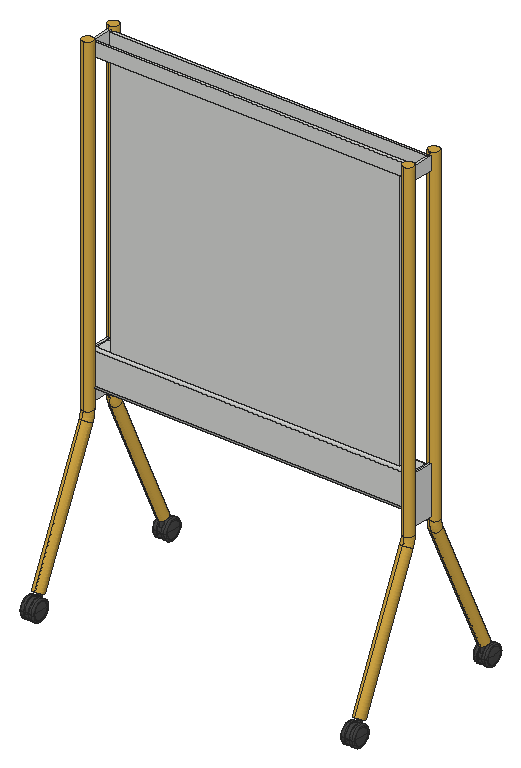
Revit family "DBLTD_TheSenatorGroup_Whiteboards_Colab_US", category Furniture, Revit 2021
Family settings
  OmniClass Number = 23.40.20.00
  OmniClass Title = General Furniture and Specialties
  Work Plane-Based = No
  Always vertical = Yes
  Cut with Voids When Loaded = No
  Shared = Yes
  Room Calculation Point = No
Parameters (values of type "49" Magic Drywipe")
  WarrantyStartDate [instance] = " "
  WarrantyGuarantorParts = "https://www.thesenatorgroup.com/"
  WarrantyGuarantorLabor = "https://www.thesenatorgroup.com/"
  WarrantyDurationUnit = "years"
  WarrantyDurationParts = "5"
  WarrantyDurationLabor = "5"
  WarrantyDescription = "The Senator Group warrants that its manufactured products are free from manufacturing defects - in materials or workmanship - for a period of five (5) years."
  Version = "1"
  Uniclass2015Version = "Products v1.32"
  Uniclass2015Title = "Whiteboards"
  Uniclass2015Code = "Pr_40_30_25_96"
  URL = "https://www.thesenatorgroup.com/"
  Type Comments = ModelReference  # "49\" Magic Drywipe"
  TagNumber [instance] = " "
  SustainabilityPerformance = "n/a"
  Size = "73 x 49 x 26"
  Shape = "Rectangular"
  SerialNumber [instance] = " "
  Revision = ""
  ReplacementCost = "n/a"
  ProductInformation = "https://www.senator.online/en-us/Categories/colab-collection"
  PanelMaterialInternal [instance] = DBLTD_TheSenatorGroup_Other_Drywipe
  PanelMaterialExternal [instance] = DBLTD_TheSenatorGroup_Metal_SmokeGrey
  NominalWidth = 49.2126"
  NominalHeight = 72.83465"
  NominalDepth = 25.59055"
  Name = "Whiteboards"  # constant formula
  ModelReference = "49\" Magic Drywipe"
  ModelNumber = "CB7349MD"
  Model = ModelNumber  # "CB7349MD"
  MediaPlaceHolder = no
  Material = "Legs and Frame; Steel. Board; Magic Drywipe"
  ManufacturerURL = "https://www.thesenatorgroup.com/"
  ManufacturerName = "The Senator Group"
  LegMaterial [instance] = DBLTD_TheSenatorGroup_Metal_HoneyYellow
  Keynote = Category  # "Pr_40_30_25_96  Whiteboards"
  InstallationDate [instance] = " "
  Grade = "n/a"
  Finish = "Legs; Honey Yellow | Forest Green | Smoke Grey | Ocean Blue. Frame; Smoke Grey. Fabric: Blazer"
  Features = "n/a"
  ExpectedLife = "5"
  DurationUnit = "years"
  Cost = 0
  Constituents = "Legs, Frame and Board"
  Color = Finish  # "Legs; Honey Yellow | Forest Green | Smoke Grey | Ocean Blue. Frame; Smoke Grey. Fabric: Blazer"
  CodePerformance = "n/a"
  Category = "Pr_40_30_25_96  Whiteboards"
  Manufacturer = ManufacturerName  # "The Senator Group"
  Description = ModelReference  # "49\" Magic Drywipe"
  Default Elevation = 0"
  BarCode [instance] = " "
  Author = "Diane Butterworth Ltd"
  AssetType = "Movable"
  AssetIdentifier [instance] = " "
  Assembly Code = "E2020200"
  AccessibilityPerformance = "n/a"
Types (12): name | Type Comments | Size | PanelMaterialInternal | PanelMaterialExternal | NominalWidth | ModelReference | ModelNumber | Model | MediaPlaceHolder | Material | Description
  49" Drywipe | "49\" Drywipe" | "73 x 49 x 26" | DBLTD_TheSenatorGroup_Other_Drywipe | DBLTD_TheSenatorGroup_Metal_SmokeGrey | 49.2126" | "49\" Drywipe" | "CB7349D" | "CB7349D" | no | "Legs and Frame; Steel. Board; Drywipe" | "49\" Drywipe"
  65" Drywipe | "65\" Drywipe" | "73 x 65 x 26" | DBLTD_TheSenatorGroup_Other_Drywipe | DBLTD_TheSenatorGroup_Metal_SmokeGrey | 64.96063" | "65\" Drywipe" | "CB7365D" | "CB7365D" | no | "Legs and Frame; Steel. Board; Drywipe" | "65\" Drywipe"
  65" Pinboard | "65\" Pinboard" | "73 x 65 x 26" | DBLTD_TheSenatorGroup_Fabric_Grey | DBLTD_TheSenatorGroup_Metal_SmokeGrey | 64.96063" | "65\" Pinboard" | "CB7365P" | "CB7365P" | no | "Legs and Frame; Steel. Board; Pinboard" | "65\" Pinboard"
  49" Pinboard | "49\" Pinboard" | "73 x 49 x 26" | DBLTD_TheSenatorGroup_Fabric_Grey | DBLTD_TheSenatorGroup_Metal_SmokeGrey | 49.2126" | "49\" Pinboard" | "CB7349P" | "CB7349P" | no | "Legs and Frame; Steel. Board; Pinboard" | "49\" Pinboard"
  49" Magic Drywipe | "49\" Magic Drywipe" | "73 x 49 x 26" | DBLTD_TheSenatorGroup_Other_Drywipe | DBLTD_TheSenatorGroup_Metal_SmokeGrey | 49.2126" | "49\" Magic Drywipe" | "CB7349MD" | "CB7349MD" | no | "Legs and Frame; Steel. Board; Magic Drywipe" | "49\" Magic Drywipe"
  65" Magic Drywipe | "65\" Magic Drywipe" | "73 x 65 x 26" | DBLTD_TheSenatorGroup_Other_Drywipe | DBLTD_TheSenatorGroup_Metal_SmokeGrey | 64.96063" | "65\" Magic Drywipe" | "CB7365MD" | "CB7365MD" | no | "Legs and Frame; Steel. Board; Magic Drywipe" | "65\" Magic Drywipe"
  49" Drywipe & Pinboard | "49\" Drywipe & Pinboard" | "73 x 49 x 26" | DBLTD_TheSenatorGroup_Other_Drywipe | DBLTD_TheSenatorGroup_Fabric_Grey | 49.2126" | "49\" Drywipe & Pinboard" | "CB7349DP" | "CB7349DP" | no | "Legs and Frame; Steel. Board; Drywipe & Pinboard" | "49\" Drywipe & Pinboard"
  49" Magic Drywipe & Pinboard | "49\" Magic Drywipe & Pinboard" | "73 x 49 x 26" | DBLTD_TheSenatorGroup_Other_Drywipe | DBLTD_TheSenatorGroup_Fabric_Grey | 49.2126" | "49\" Magic Drywipe & Pinboard" | "CB7349MDP" | "CB7349MDP" | no | "Legs and Frame; Steel. Board; Magic Drywipe & Pinboard" | "49\" Magic Drywipe & Pinboard"
  65" Drywipe & Pinboard | "65\" Drywipe & Pinboard" | "73 x 65 x 26" | DBLTD_TheSenatorGroup_Other_Drywipe | DBLTD_TheSenatorGroup_Fabric_Grey | 64.96063" | "65\" Drywipe & Pinboard" | "CB7365DP" | "CB7365DP" | no | "Legs and Frame; Steel. Board; Drywipe & Pinboard" | "65\" Drywipe & Pinboard"
  65" Magic Drywipe & Pinboard | "65\" Magic Drywipe & Pinboard" | "73 x 65 x 26" | DBLTD_TheSenatorGroup_Other_Drywipe | DBLTD_TheSenatorGroup_Fabric_Grey | 64.96063" | "65\" Magic Drywipe & Pinboard" | "CB7365MDP" | "CB7365MDP" | no | "Legs and Frame; Steel. Board; Magic Drywipe & Pinboard" | "65\" Magic Drywipe & Pinboard"
  65" Media & Pinboard | "65\" Media & Pinboard" | "73 x 65 x 26" | DBLTD_TheSenatorGroup_Fabric_Grey | DBLTD_TheSenatorGroup_Fabric_Grey | 64.96063" | "65\" Media & Pinboard" | "CB7365PM" | "CB7365PM" | yes | "Legs and Frame; Steel. Board; Media  & Pinboard" | "65\" Media & Pinboard"
  49" Media & Pinboard | "49\" Media & Pinboard" | "73 x 49 x 26" | DBLTD_TheSenatorGroup_Fabric_Grey | DBLTD_TheSenatorGroup_Fabric_Grey | 49.2126" | "49\" Media & Pinboard" | "CB7349PM" | "CB7349PM" | yes | "Legs and Frame; Steel. Board; Media  & Pinboard" | "49\" Media & Pinboard"
Reference planes (in)
  plane 1 "Center (Front/Back)": y = 0
  plane 2: z = 0
  plane 3 "Center (Left/Right)": x = 0
  plane 4: x = -24.6063
  plane 5: x = 24.6063
  plane 6: y = 12.79528
  plane 7: y = -12.79528
  plane 8: z = 72.83465
  plane 9: z = 18.89764
Forms (in)
  Extrusion 1, solid, material "DBLTD_TheSenatorGroup_Metal_SmokeGrey"
    sketch origin (0, 0, 0) x (0, 1, 0) y (0, 0, 1)
      loop
        line (1.60576, 72.3622) -> (-1.60433, 72.3622) -> (-1.60433, 70.43464) -> (1.60576, 70.43464) -> (1.60576, 72.3622)
      loop
        line (1.60576, 24.37953) -> (1.60576, 31.46614) -> (-1.60433, 31.46614) -> (-1.60433, 24.37953) -> (1.60576, 24.37953)
    from -24.01575 to -23.62204
  Extrusion 2, solid, material "DBLTD_TheSenatorGroup_Metal_SmokeGrey"
    sketch origin (0, 0, 0) x (0, 1, 0) y (0, 0, -1)
      loop
        line (1.60576, -72.3622) -> (1.60576, -70.43464) -> (-1.60433, -70.43464) -> (-1.60433, -72.3622) -> (1.60576, -72.3622)
      loop
        line (1.60576, -24.37953) -> (-1.60433, -24.37953) -> (-1.60433, -31.46614) -> (1.60576, -31.46614) -> (1.60576, -24.37953)
    from -24.01575 to -23.62204
  Extrusion 3, solid, material "DBLTD_TheSenatorGroup_Metal_SmokeGrey"
    sketch origin (0, 0, 0) x (0, 1, 0) y (0, 0, 1)
      loop
        line (1.08135, 31.46614) -> (-1.08268, 31.46614)
        arc (-1.08268, 31.46614) -> (-1.36107, 31.35083) -> (-1.47638, 31.07244) r 0.3937
        line (-1.47638, 31.07244) -> (-1.47638, 26.34803)
        arc (-1.47638, 26.34803) -> (-1.36107, 26.06964) -> (-1.08268, 25.95433) r 0.3937
        line (-1.08268, 25.95433) -> (1.08135, 25.95433)
        arc (1.08135, 25.95433) -> (1.35974, 26.06964) -> (1.47505, 26.34803) r 0.3937
        line (1.47505, 26.34803) -> (1.47505, 31.07244)
        arc (1.47505, 31.07244) -> (1.35974, 31.35083) -> (1.08135, 31.46614) r 0.3937
      loop
        line (1.60596, 72.3622) -> (1.21226, 72.3622) -> (1.21226, 70.43464) -> (1.60596, 70.43464) -> (1.60596, 72.3622)
      loop
        line (-1.60596, 72.3622) -> (-1.60596, 70.43464) -> (-1.21226, 70.43464) -> (-1.21226, 72.3622) -> (-1.60596, 72.3622)
    from -23.62204 to 23.62204
  Extrusion 4, solid, material "DBLTD_TheSenatorGroup_Metal_SmokeGrey"
    sketch origin (0, 0, 0) x (1, 0, 0) y (0, 0, 1)
      loop
        line (-21.45669, 70.43464) -> (-21.45669, 31.45826) -> (21.45669, 31.45826) -> (21.45669, 70.43464) -> (-21.45669, 70.43464)
    from -1.10236 to 1.10236
  Extrusion 5, solid, material "DBLTD_TheSenatorGroup_Plastic_Black", visible <- "MediaPlaceHolder"
    sketch origin (0, 0, 0) x (1, 0, 0) y (0, 0, 1)
      loop
        line (-16.41733, 64.83917) -> (-16.41733, 37.12264) -> (16.41732, 37.12264) -> (16.41732, 64.83917) -> (-16.41733, 64.83917)
    from 1.10236 to 2.99213
  Sweep 6, void
    path in 3D
      loop
        line (-16.41733, -2.99213, 64.83917) -> (-16.41733, -2.99213, 37.12264) -> (16.41732, -2.99213, 37.12264) -> (16.41732, -2.99213, 64.83917) -> (-16.41733, -2.99213, 64.83917)
    profile origin (0, -2.99213, 64.83917) x (0, -1, 0) y (0, 0, 1)
      loop
        line (-0.67017, 0) -> (-1.88976, 0) -> (-1.88976, -0.73038) -> (-0.79242, -0.0414) -> (-0.79242, -0.15318) -> (-0.67017, -0.15318) -> (-0.67017, 0)
  Extrusion 7, void
    sketch origin (0, 0, 0) x (1, 0, 0) y (0, 0, 1)
      loop
        line (-15.68695, 64.10879) -> (-15.68695, 37.85302) -> (15.68694, 37.85302) -> (15.68694, 64.10879) -> (-15.68695, 64.10879)
    from 2.99213 to 2.76678
Cuts and joins
  Sweep 6, Extrusion 7 cuts Extrusion 4
  Sweep 6, Extrusion 7 cuts Extrusion 5
Lines and regions (in)
  symbolic lines
    curve 1: line (0, 10.86456, 2.99643) -> (0, 8.71522, 7.64136)
  sketch lines
    curve 2: line (16.41732, -2.99213, 64.83917) -> (-16.41733, -2.99213, 64.83917)
    curve 3: line (-16.41733, -2.99213, 64.83917) -> (-16.41733, -2.99213, 37.12264)
    curve 4: line (-16.41733, -2.99213, 37.12264) -> (16.41732, -2.99213, 37.12264)
    curve 5: line (16.41732, -2.99213, 37.12264) -> (16.41732, -2.99213, 64.83917)
Dimensions and locks (in)
  equal spacing: plane 4, plane 3 "Center (Left/Right)", plane 5
  "NominalWidth": plane 4 to plane 5
  equal spacing: plane 6, plane 1 "Center (Front/Back)", plane 7
  "NominalDepth": plane 6 to plane 7
  "NominalHeight": plane 8 to level
  plane 9 to level = 18.89764"
  locked: plane 4 to nested 1 at 0.7874
  locked: plane 4 to nested 2 at 0.7874
  locked: plane 5 to nested 3 at 0.7874
  locked: plane 5 to nested 4 at 0.7874
  plane 4 to Extrusion 1 to Extrusion 1 = 0.59054" locked, 0.39371" locked
  plane 5 to Extrusion 2 to Extrusion 2 = 0.59054" locked, 0.39371" locked
  locked: Extrusion 4 to plane 4 at 3.14961
  locked: plane 5 to Extrusion 4 at 3.14961
  locked: Extrusion 5 sketch curve to plane 4 at 8.18897
  locked: plane 5 to Extrusion 5 sketch curve at 8.18898
  aligned and locked: level to plane 2
  aligned and locked: Extrusion 3 to Extrusion 1
  aligned and locked: Extrusion 3 to Extrusion 2
Automatic sketch dimensions
  curve 1 to plane 6 = 4.08006"
  level to curve 1 = 2.99643"
  curve 1 to plane 6 = 1.93071"
  curve 1 to curve 1 = 4.64493"
  plane 1 "Center (Front/Back)" to Extrusion 1 sketch curve = 1.60433"  (x2)
  Extrusion 1 sketch curve to plane 8 = 0.47244"
  Extrusion 1 sketch curve to plane 1 "Center (Front/Back)" = 1.60576"  (x2)
  Extrusion 1 sketch curve to Extrusion 1 sketch curve = 1.92756"
  plane 9 to Extrusion 1 sketch curve = 12.5685"
  plane 9 to Extrusion 1 sketch curve = 5.48189"
  plane 1 "Center (Front/Back)" to Extrusion 2 sketch curve = 1.60433"  (x2)
  Extrusion 2 sketch curve to plane 8 = 0.47244"
  Extrusion 2 sketch curve to plane 1 "Center (Front/Back)" = 1.60576"  (x2)
  Extrusion 2 sketch curve to Extrusion 2 sketch curve = 1.92756"
  plane 9 to Extrusion 2 sketch curve = 12.5685"
  plane 9 to Extrusion 2 sketch curve = 5.48189"
  Extrusion 3 sketch curve to plane 8 = 0.47244"  (x2)
  plane 1 "Center (Front/Back)" to Extrusion 3 sketch curve = 1.60596"
  plane 1 "Center (Front/Back)" to Extrusion 3 sketch curve = 1.47638"
  Extrusion 3 sketch curve to Extrusion 3 sketch curve = 0.3937"  (x5)
  Extrusion 3 sketch curve to plane 1 "Center (Front/Back)" = 1.08135"  (x2)
  Extrusion 3 sketch curve to plane 1 "Center (Front/Back)" = 1.21226"
  Extrusion 3 sketch curve to Extrusion 3 sketch curve = 1.92756"
  Extrusion 3 sketch curve to plane 8 = 2.4"
  plane 9 to Extrusion 3 sketch curve = 12.5685"
  Extrusion 3 sketch curve to Extrusion 3 sketch curve = 4.72441"
  plane 4 to Extrusion 4 sketch curve = 3.14961"
  Extrusion 4 sketch curve to plane 5 = 3.14961"
  plane 9 to Extrusion 4 sketch curve = 12.56063"
  Extrusion 4 sketch curve to plane 8 = 2.4"
  plane 9 to Extrusion 5 sketch curve = 18.225"
  Extrusion 5 sketch curve to plane 8 = 7.99547"
  Sweep 6 sketch curve to profile plane = 0"
  profile plane to Sweep 6 sketch curve = 0.67017"
  Sweep 6 sketch curve to profile plane = 0.15318"
  Sweep 6 sketch curve to profile plane = 0.0414"
  Sweep 6 sketch curve to Sweep 6 sketch curve = 0.12225"
  profile plane to Sweep 6 sketch curve = 1.88976"
  Sweep 6 sketch curve to profile plane = 0.73038"
  plane 4 to Extrusion 7 sketch curve = 8.91935"
  Extrusion 7 sketch curve to plane 5 = 8.91936"
  plane 9 to Extrusion 7 sketch curve = 18.95538"
  Extrusion 7 sketch curve to plane 8 = 8.72585"
Nested families (in)
  nested 1: "Nested_DBLTD_TheSenatorGroup_Whiteboards_Leg" at (-23.8189, 2.39316, 0) x (0, -1, 0) z (0, 0, 1), FrameMaterial <- "LegMaterial", type "Nested_DBLTD_TheSenatorGroup_Whiteboards_Leg"
    with FrameMaterial DBLTD_TheSenatorGroup_Metal_HoneyYellow
  nested 2: "Nested_DBLTD_TheSenatorGroup_Whiteboards_Leg" at (-23.8189, -2.39316, 0) x (0, 1, 0) z (0, 0, 1), FrameMaterial <- "LegMaterial", type "Nested_DBLTD_TheSenatorGroup_Whiteboards_Leg"
    with FrameMaterial DBLTD_TheSenatorGroup_Metal_HoneyYellow
  nested 3: "Nested_DBLTD_TheSenatorGroup_Whiteboards_Leg" at (23.8189, 2.39316, 0) x (0, -1, 0) z (0, 0, 1), FrameMaterial <- "LegMaterial", type "Nested_DBLTD_TheSenatorGroup_Whiteboards_Leg"
    with FrameMaterial DBLTD_TheSenatorGroup_Metal_HoneyYellow
  nested 4: "Nested_DBLTD_TheSenatorGroup_Whiteboards_Leg" at (23.8189, -2.39316, 0) x (0, 1, 0) z (0, 0, 1), FrameMaterial <- "LegMaterial", type "Nested_DBLTD_TheSenatorGroup_Whiteboards_Leg"
    with FrameMaterial DBLTD_TheSenatorGroup_Metal_HoneyYellow
Definition of nested family "Nested_DBLTD_TheSenatorGroup_Whiteboards_Leg"
  Parameters
    FrameMaterial [instance] = none
    Default Elevation = 0"
  Reference planes (in)
    plane 1 "Center (Front/Back)": y = 0
    plane 2: z = 0
    plane 3 "Center (Left/Right)": x = 0
  Forms (in)
    Sweep 1, solid, material <- "FrameMaterial"
      path origin (0, 0, 0) x (1, 0, 0) y (0, 0, 1)
        loop
          line (0, 72.83465) -> (0, 23.76547)
          arc (0, 23.76547) -> (-0.07932, 23.04116) -> (-0.31354, 22.3512) r 3.34646
          line (-0.31354, 22.3512) -> (-9.17507, 3.34758)
      profile origin (0, 0, 48.30006) x (0, -1, 0) y (1, 0, 0)
        loop
          circle (0, 0) r 0.7874
    Revolve 2, solid
      sketch origin (-9.91499, 0, 1.47638) x (-1, 0, 0) y (0, -1, 0)
        loop
          line (0, 0) -> (0, -0.98425)
          arc (0, -0.98425) -> (0.61387, -0.96044) -> (1.22406, -0.88916) r 7.92563
          line (1.22406, -0.88916) -> (1.22406, -0.98425) -> (1.27953, -0.98425)
          arc (1.27953, -0.98425) -> (1.41872, -0.9266) -> (1.47638, -0.7874) r 0.19685
          line (1.47638, -0.7874) -> (1.47638, -0.36684)
          arc (1.47638, -0.36684) -> (1.46321, -0.34264) -> (1.4374, -0.33301) r 0.03937
          line (1.4374, -0.33301) -> (1.40205, -0.33301) -> (1.40205, 0.33301) -> (1.4374, 0.33301)
          arc (1.4374, 0.33301) -> (1.46321, 0.34264) -> (1.47638, 0.36684) r 0.03937
          line (1.47638, 0.36684) -> (1.47638, 0.7874)
          arc (1.47638, 0.7874) -> (1.41872, 0.9266) -> (1.27953, 0.98425) r 0.19685
          line (1.27953, 0.98425) -> (1.22406, 0.98425) -> (1.22406, 0.88916)
          arc (1.22406, 0.88916) -> (0.61387, 0.96044) -> (0, 0.98425) r 7.92563
          line (0, 0.98425) -> (0, 0)
        axis (0, -0.98425) -> (0, 0.98425)
      angle from 0 to 360
    Extrusion 3, void
      sketch origin (1.10624, 9.30867, 0) x (-1, 0, 0) y (0, 0, 1)
        loop
          line (9.31288, 1.27953) -> (9.31288, 0) -> (12.66216, 0) -> (12.66216, 1.27953) -> (9.31288, 1.27953)
      from -9.64168 to -8.97567
    Revolve 4, solid
      sketch origin (1.40471, 0.02538, 0.19685) x (-1, 0, 0) y (0, 0, 1)
        loop
          line (10.37524, 3.42684) -> (10.37524, 1.88976) -> (10.66389, 1.88976) -> (10.66389, 2.73442) -> (10.5872, 2.73442) -> (10.5872, 3.42684) -> (10.37524, 3.42684)
        axis (10.37524, 1.88976) -> (10.37524, 3.42684)
      angle from 0 to 360
  Cuts and joins
    Extrusion 3 cuts Revolve 2
  Dimensions and locks (in)
    angle Sweep 1 sketch curve to Sweep 1 sketch curve = 155.00°
    aligned and locked: level to plane 2
